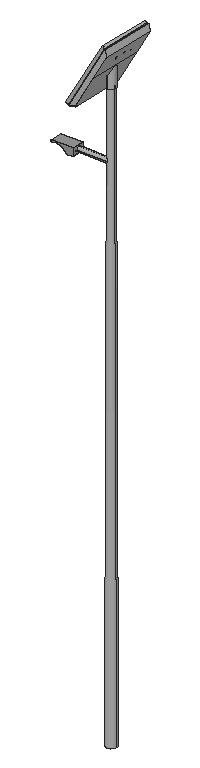
Revit family "Farola Solar Olintu L galvanizada", category Luminarias, Revit 2021
Family settings
  Cota de conector redondo = Diámetro de uso
  Tipo de pieza = Normal
  Se basa en plano de trabajo = No
  Siempre vertical = Sí
  Corte con vacíos al cargar = No
  Origen de luz = No
  Compartido = Sí
  Punto de cálculo de habitación = No
Parameters
  URL producto = "https://ekiona.com/farolas-solares/serie-olintu/"
  URL = "https://www.ekiona.com/"
  Teléfono de contacto = "(+34) 943 30 80 51"
  Keynote = ""
  Modelo = "Modelo Olintu"
  Marcado CE = "SÍ"
  Garantía = "5 años"
  Gama de colores = "Blanco, Negro, Gris, Verde bosque, Acero galvanizado"
  Gama de acabados = "Galvanizado, Fibra de vidrio, Aluminio"
  Fabricante = "Ekiona"
  Elevación por defecto = 2000 mm
  E-mail de contacto = "info@ekiona.com"
  Distancia inserto-columa = Altura columna extremos - 150 mm  # 7850 mm
  Distancia brazo-final de columna = Altura columna extremos - 1000 mm  # 7000 mm
  Dirección = "Parque Tecnológico Miramón - Paseo Mikeletegi 56 - 20009 Donostia/San Sebastián"
  Descripción de la empresa = "Diseñamos, desarrollamos, fabricamos y comercializamos farolas solares que se adaptan a cualquier necesidad."
  Descripción = "Farola solar que combina diseño y eficencia"
  Clase eficiencia energética = "A++"
  Altura columna planos = Altura columna extremos  # 8000 mm
  Altura columna extremos = 8000 mm
Reference planes
  plane 1 "Center (Front/Back)": y = 0
  plane 2: z = 0
  plane 3 "Center (Left/Right)": x = 0
  plane 4: z = 8000
  plane 5: z = 7850
  plane 6: z = 7000
Dimensions and locks
  "Altura columna planos": level to plane 4
  "Altura columna extremos": nested 1 to plane 4
  "Distancia inserto-columa": level to plane 5
  "Distancia brazo-final de columna": level to plane 6
  aligned and locked: level to plane 2
  aligned and locked: plane 4 to nested 1
  aligned and locked: plane 5 to nested 2
  aligned and locked: plane 6 to nested 3
Nested families
  nested 1: "Columna Olintu L galvanizada" at (0, 0, 0), type "Columna 8m"
  nested 2: "Tolva Olintu L galvanizada" at (-30.017, 337.873, 6260.512), type "Tolva Olintu M"
  nested 3: "Luminaria Olintu L galvanizada" at (0, 0, 6955), type "Luminaria 20W"
Definition of nested family "Columna Olintu L galvanizada"
  Parameters (values of type "Columna 10m")
    Øsuperior = 88 mm
    Øinferior = 150 mm
    Material columna = none
    Default Elevation = 0 mm
    Altura columna [instance] = 10000 mm
  Types (3, lengths in mm): name | Øinferior | Altura columna
    Columna 9m | 145 | 9000
    Columna 8m | 140 | 8000
    Columna 10m | 150 | 10000
  Reference planes
    plane 1 "Center (Front/Back)": y = 0
    plane 2: z = 0
    plane 3 "Center (Left/Right)": x = 0
    plane 4: z = 10000
  Forms (mm)
    Blend 1, solid, material <- "Material columna"
      base sketch origin (0, 0, 0) x (1, 0, 0) y (0, 1, 0)
        loop
          circle (0, 0) r 75
      top sketch origin (0, 0, 0) x (1, 0, 0) y (0, 1, 0)
        loop
          circle (0, 0) r 44
      from 0 to 10000
  Dimensions and locks
    "Altura columna": plane 4 to level
    "Øinferior": diameter of Blend 1 sketch curve
    "Øsuperior": diameter of Blend 1 sketch curve
    aligned and locked: level to plane 2
    aligned and locked: plane 4 to Blend 1
  Automatic sketch dimensions
    plane 1 "Center (Front/Back)" to Blend 1 sketch curve = 0 mm  (x2)
    Blend 1 sketch curve to plane 3 "Center (Left/Right)" = 0 mm  (x2)
Definition of nested family "Tolva Olintu L galvanizada"
  Parameters (values of type "Tolva Olintu M")
    Model = "Tolva Olintu"
    Material tapa = none
    Material inserto = none
    Material estructura base = none
    Material embellecedor = none
    Manufacturer = "Ekiona"
    Default Elevation = 0 mm
    Ancho panel = 545 mm
  Reference planes
    plane 1 "Center (Front/Back)": y = 0
    plane 2: z = 0
    plane 3 "Center (Left/Right)": x = 0
    plane 4 "Plano 1": through (314.197, -25, 2122.882) normal (-0.5, 0, 0.866)
    plane 5 "paralelo a vista izq": y = -337.5
    plane 6 "Plano 1": through (259.959, -25, 3493.187) normal (-0.5, 0, 0.866)
    plane 7: through (172.752, 0, 2142.023) normal (-0.866, 0, 0.5)
  Forms (mm)
    Extrusion 1, solid, material <- "Material estructura base"
      sketch origin (128.943, 0, 6.927) x (1, 0, 0) y (0, 0, 1)
        loop
          line (102.452, 2266.839) -> (-376.662, 1436.99) -> (-311.636, 1399.447) -> (167.478, 2229.297) -> (102.452, 2266.839)
      from 0 to 704.8
    Extrusion 2, void
      sketch origin (28.039, 0, -172.323) x (1, 0, 0) y (0, 0, 1)
        loop
          line (221.073, 2440.009) -> (236.391, 2353.137) -> (284.006, 2435.609) -> (221.073, 2440.009)
      from 0 to 704.8
    Extrusion 3, void
      sketch origin (59.33, 0, -118.226) x (1, 0, 0) y (0, 0, 1)
        loop
          line (-212.839, 1570.569) -> (-289.787, 1549.95) -> (-300.47, 1528.787) -> (-231.188, 1488.787) -> (-191.188, 1558.069) -> (-212.839, 1570.569)
      from 0 to 769.834
    Extrusion 4, solid, material <- "Material tapa"
      sketch origin (-59.014, 0, -318.454) x (1, 0, 0) y (0, 0, 1)
        loop
          line (290.483, 2592.177) -> (309.316, 2581.303) -> (323.733, 2499.539) -> (152.052, 2202.179) -> (153.752, 2201.197) -> (325.531, 2498.727) -> (310.698, 2582.853) -> (291.499, 2593.937) -> (290.483, 2592.177)
      from 0 to 704.8
    Extrusion 5, solid, material <- "Material embellecedor"
      sketch origin (128.918, 0, 7.059) x (1, 0, 0) y (0, 0, 1)
        loop
          line (-35.978, 1876.723) -> (-285.554, 1444.445) -> (-356.741, 1425.371) -> (-376.562, 1436.815) -> (-377.509, 1435.176) -> (-356.946, 1423.304) -> (-284.094, 1442.825) -> (-34.182, 1875.686) -> (-35.978, 1876.723)
      from 0 to 704.8
    Extrusion 6, void
      sketch origin (-959.244, -34.1, 22.516) x (0, 1, 0) y (0.5, 0, 0.866025)
        loop
          line (-463.861, 2321.81) -> (-416.148, 2321.81)
          arc (-416.148, 2321.81) -> (-419.48, 2339.286) -> (-430.409, 2353.323) r 37.954
          arc (-430.409, 2353.323) -> (-445.409, 2358.568) -> (-460.409, 2353.323) r 24.073
          arc (-460.409, 2353.323) -> (-471.433, 2339.075) -> (-474.645, 2321.349) r 37.954
          arc (-474.645, 2321.349) -> (-473.167, 2312.913) -> (-469.836, 2305.024) r 37.954
          arc (-469.836, 2305.024) -> (-441.562, 2289.96) -> (-416.017, 2309.293) r 29.744
          line (-416.017, 2309.293) -> (-423.962, 2312.74)
          arc (-423.962, 2312.74) -> (-442.617, 2300.75) -> (-461.255, 2312.766) r 20.484
          arc (-461.255, 2312.766) -> (-462.888, 2317.193) -> (-463.861, 2321.81) r 32.425
        loop
          line (-462.861, 2331.038) -> (-427.861, 2331.038)
          arc (-427.861, 2331.038) -> (-445.361, 2348.538) -> (-462.861, 2331.038) r 17.5
        loop
          line (-407.152, 2354.99) -> (-407.152, 2299.99)
          arc (-407.152, 2299.99) -> (-401.908, 2294.747) -> (-396.665, 2299.99) r 5.244
          line (-396.665, 2299.99) -> (-396.665, 2315.008) -> (-387.196, 2324.476) -> (-367.121, 2295.806)
          arc (-367.121, 2295.806) -> (-360.158, 2294.578) -> (-358.93, 2301.542) r 5
          line (-358.93, 2301.542) -> (-380.016, 2331.656) -> (-362.339, 2349.334)
          arc (-362.339, 2349.334) -> (-362.339, 2357.323) -> (-370.328, 2357.323) r 5.649
          line (-370.328, 2357.323) -> (-396.665, 2330.986) -> (-396.665, 2354.99)
          arc (-396.665, 2354.99) -> (-401.908, 2360.234) -> (-407.152, 2354.99) r 5.244
        loop
          line (-345.695, 2330.348) -> (-345.695, 2298.296)
          arc (-345.695, 2298.296) -> (-340.695, 2293.296) -> (-335.695, 2298.296) r 5
          line (-335.695, 2298.296) -> (-335.695, 2330.348)
          arc (-335.695, 2330.348) -> (-340.695, 2335.348) -> (-345.695, 2330.348) r 5
        loop
          arc (-313.958, 2351.943) -> (-322.635, 2348.932) -> (-329.497, 2355.038) r 9.076
          arc (-329.497, 2355.038) -> (-336.449, 2361.579) -> (-345.695, 2359.211) r 9.903
          arc (-345.695, 2359.211) -> (-348.682, 2355.086) -> (-349.922, 2350.147) r 13.45
          arc (-349.922, 2350.147) -> (-346.706, 2343.243) -> (-339.177, 2342.089) r 8.071
          arc (-339.177, 2342.089) -> (-335.695, 2342.685) -> (-332.214, 2342.089) r 10.463
          arc (-332.214, 2342.089) -> (-327.031, 2338.208) -> (-325.061, 2332.04) r 10.635
          arc (-325.061, 2332.04) -> (-262.525, 2310.202) -> (-313.958, 2351.943) r 33.621
        loop
          line (-250.357, 2353.481) -> (-250.357, 2298.481)
          arc (-250.357, 2298.481) -> (-243.625, 2291.749) -> (-236.893, 2298.481) r 6.732
          line (-236.893, 2298.481) -> (-236.893, 2343.466)
          arc (-236.893, 2343.466) -> (-229.971, 2349.019) -> (-221.459, 2351.529) r 22.933
          arc (-221.459, 2351.529) -> (-212.902, 2347.984) -> (-209.357, 2339.427) r 12.102
          line (-209.357, 2339.427) -> (-209.357, 2298.481)
          arc (-209.357, 2298.481) -> (-203.024, 2292.148) -> (-196.691, 2298.481) r 6.333
          line (-196.691, 2298.481) -> (-196.691, 2339.905)
          arc (-196.691, 2339.905) -> (-198.028, 2347.169) -> (-201.863, 2353.481) r 20.404
          arc (-201.863, 2353.481) -> (-219.569, 2360.932) -> (-237.793, 2354.854) r 27.258
          arc (-237.793, 2354.854) -> (-244.69, 2359.8) -> (-250.357, 2353.481) r 6.357
        loop
          arc (-184.719, 2344.597) -> (-181.441, 2338.502) -> (-174.681, 2339.98) r 5.745
          arc (-174.681, 2339.98) -> (-169.693, 2349.593) -> (-159.36, 2352.836) r 14.106
          arc (-159.36, 2352.836) -> (-151.076, 2350.212) -> (-144.661, 2344.349) r 20.193
          line (-144.661, 2344.349) -> (-144.661, 2338.186)
          arc (-144.661, 2338.186) -> (-158.183, 2333.475) -> (-172.248, 2330.794) r 97.575
          arc (-172.248, 2330.794) -> (-181.869, 2326.808) -> (-185.855, 2317.187) r 13.607
          arc (-185.855, 2317.187) -> (-186.09, 2312.502) -> (-186.044, 2307.811) r 78.299
          arc (-186.044, 2307.811) -> (-182.313, 2300.899) -> (-176.154, 2296.024) r 19.471
          arc (-176.154, 2296.024) -> (-166.154, 2293.649) -> (-156.154, 2296.024) r 22.235
          arc (-156.154, 2296.024) -> (-150.683, 2299.242) -> (-145.676, 2303.144) r 48.757
          line (-145.676, 2303.144) -> (-145.676, 2297.176)
          arc (-145.676, 2297.176) -> (-140.801, 2292.301) -> (-135.926, 2297.176) r 4.875
          line (-135.926, 2297.176) -> (-135.926, 2347.483)
          arc (-135.926, 2347.483) -> (-140.108, 2354.143) -> (-146.491, 2358.739) r 20.503
          arc (-146.491, 2358.739) -> (-158.534, 2361.376) -> (-170.577, 2358.739) r 28.822
          arc (-170.577, 2358.739) -> (-178.914, 2352.934) -> (-184.719, 2344.597) r 28.822
        loop
          arc (-144.661, 2330.676) -> (-156.177, 2325.488) -> (-168.693, 2323.785) r 44.019
          arc (-168.693, 2323.785) -> (-173.358, 2321.852) -> (-175.29, 2317.187) r 6.598
          arc (-175.29, 2317.187) -> (-175.527, 2313.145) -> (-175.29, 2309.103) r 34.669
          arc (-175.29, 2309.103) -> (-173.729, 2305.335) -> (-169.961, 2303.774) r 5.329
          arc (-169.961, 2303.774) -> (-163.465, 2302.436) -> (-156.969, 2303.774) r 16.436
          arc (-156.969, 2303.774) -> (-150.056, 2308.034) -> (-144.661, 2314.101) r 27.926
          line (-144.661, 2314.101) -> (-144.661, 2330.676)
      from -19.407 to 3
    Revolve 7, solid, material <- "Material inserto"
      sketch origin (29.873, 0, -136.266) x (0, 1, 0) y (0, 0, 1)
        loop
          line (-287.5, 2035.827) -> (-287.5, 1725.755) -> (-284.5, 1725.755) -> (-284.5, 2035.827) -> (-287.5, 2035.827)
        axis (-337.5, 2035.827) -> (-337.5, 1725.755)
      angle from 0 to 360
    Extrusion 8, solid, not visible
      sketch origin (124.705, 0, 1465.982) x (1, 0, 0) y (0, 0, 1)
        loop
          line (25.298, 2103.034) -> (-292.965, 1551.785) -> (-241.004, 1521.785) -> (77.26, 2073.034) -> (25.298, 2103.034)
      from 70.047 to 615.047
    Extrusion 9, void, not visible
      sketch origin (-63.196, 0, 1140.322) x (1, 0, 0) y (0, 0, 1)
        loop
          line (224.128, 2422.685) -> (236.948, 2349.979) -> (276.798, 2419.002) -> (224.128, 2422.685)
      from 0 to 675
    Extrusion 10, void, not visible
      sketch origin (124.705, 0, 1465.982) x (1, 0, 0) y (0, 0, 1)
        loop
          line (-212.839, 1570.569) -> (-289.787, 1549.95) -> (-300.47, 1528.787) -> (-231.188, 1488.787) -> (-191.188, 1558.069) -> (-212.839, 1570.569)
      from 0 to 675
    Extrusion 11, solid, not visible
      sketch origin (-63.252, 0, 1140.601) x (1, 0, 0) y (0, 0, 1)
        loop
          line (212.635, 2427.51) -> (224.709, 2420.539) -> (237.206, 2349.669) -> (152.052, 2202.179) -> (153.752, 2201.197) -> (239.192, 2349.183) -> (226.372, 2421.888) -> (213.635, 2429.242) -> (212.635, 2427.51)
      from 70.047 to 615.047
    Extrusion 12, solid, not visible
      sketch origin (124.679, 0, 1466.114) x (1, 0, 0) y (0, 0, 1)
        loop
          line (-35.879, 1876.666) -> (-212.705, 1570.395) -> (-289.813, 1549.734) -> (-293.065, 1551.612) -> (-294.068, 1549.876) -> (-290.068, 1547.567) -> (-211.46, 1568.63) -> (-34.182, 1875.686) -> (-35.879, 1876.666)
      from 70.047 to 615.047
    Extrusion 13, solid, not visible
      sketch origin (124.769, 0, 1465.921) x (1, 0, 0) y (0, 0, 1)
        loop
          line (-292.965, 1551.785) -> (25.035, 2102.578) -> (-5.276, 2120.078) -> (-323.276, 1569.285) -> (-292.965, 1551.785)
      from 70.047 to 615.047
    Extrusion 14, void, not visible
      sketch origin (-1013.482, -34.1, 1392.821) x (0, 1, 0) y (0.5, 0, 0.866025)
        loop
          line (-463.861, 2321.81) -> (-416.148, 2321.81)
          arc (-416.148, 2321.81) -> (-419.48, 2339.286) -> (-430.409, 2353.323) r 37.954
          arc (-430.409, 2353.323) -> (-445.409, 2358.568) -> (-460.409, 2353.323) r 24.073
          arc (-460.409, 2353.323) -> (-471.433, 2339.075) -> (-474.645, 2321.349) r 37.954
          arc (-474.645, 2321.349) -> (-473.167, 2312.913) -> (-469.836, 2305.024) r 37.954
          arc (-469.836, 2305.024) -> (-441.562, 2289.96) -> (-416.017, 2309.293) r 29.744
          line (-416.017, 2309.293) -> (-423.962, 2312.74)
          arc (-423.962, 2312.74) -> (-442.617, 2300.75) -> (-461.255, 2312.766) r 20.484
          arc (-461.255, 2312.766) -> (-462.888, 2317.193) -> (-463.861, 2321.81) r 32.425
        loop
          line (-462.861, 2331.038) -> (-427.861, 2331.038)
          arc (-427.861, 2331.038) -> (-445.361, 2348.538) -> (-462.861, 2331.038) r 17.5
        loop
          line (-407.152, 2354.99) -> (-407.152, 2299.99)
          arc (-407.152, 2299.99) -> (-401.908, 2294.747) -> (-396.665, 2299.99) r 5.244
          line (-396.665, 2299.99) -> (-396.665, 2315.008) -> (-387.196, 2324.476) -> (-367.121, 2295.806)
          arc (-367.121, 2295.806) -> (-360.158, 2294.578) -> (-358.93, 2301.542) r 5
          line (-358.93, 2301.542) -> (-380.016, 2331.656) -> (-362.339, 2349.334)
          arc (-362.339, 2349.334) -> (-362.339, 2357.323) -> (-370.328, 2357.323) r 5.649
          line (-370.328, 2357.323) -> (-396.665, 2330.986) -> (-396.665, 2354.99)
          arc (-396.665, 2354.99) -> (-401.908, 2360.234) -> (-407.152, 2354.99) r 5.244
        loop
          line (-345.695, 2330.348) -> (-345.695, 2298.296)
          arc (-345.695, 2298.296) -> (-340.695, 2293.296) -> (-335.695, 2298.296) r 5
          line (-335.695, 2298.296) -> (-335.695, 2330.348)
          arc (-335.695, 2330.348) -> (-340.695, 2335.348) -> (-345.695, 2330.348) r 5
        loop
          arc (-313.958, 2351.943) -> (-322.635, 2348.932) -> (-329.497, 2355.038) r 9.076
          arc (-329.497, 2355.038) -> (-336.449, 2361.579) -> (-345.695, 2359.211) r 9.903
          arc (-345.695, 2359.211) -> (-348.682, 2355.086) -> (-349.922, 2350.147) r 13.45
          arc (-349.922, 2350.147) -> (-346.706, 2343.243) -> (-339.177, 2342.089) r 8.071
          arc (-339.177, 2342.089) -> (-335.695, 2342.685) -> (-332.214, 2342.089) r 10.463
          arc (-332.214, 2342.089) -> (-327.031, 2338.208) -> (-325.061, 2332.04) r 10.635
          arc (-325.061, 2332.04) -> (-262.525, 2310.202) -> (-313.958, 2351.943) r 33.621
        loop
          line (-250.357, 2353.481) -> (-250.357, 2298.481)
          arc (-250.357, 2298.481) -> (-243.625, 2291.749) -> (-236.893, 2298.481) r 6.732
          line (-236.893, 2298.481) -> (-236.893, 2343.466)
          arc (-236.893, 2343.466) -> (-229.971, 2349.019) -> (-221.459, 2351.529) r 22.933
          arc (-221.459, 2351.529) -> (-212.902, 2347.984) -> (-209.357, 2339.427) r 12.102
          line (-209.357, 2339.427) -> (-209.357, 2298.481)
          arc (-209.357, 2298.481) -> (-203.024, 2292.148) -> (-196.691, 2298.481) r 6.333
          line (-196.691, 2298.481) -> (-196.691, 2339.905)
          arc (-196.691, 2339.905) -> (-198.028, 2347.169) -> (-201.863, 2353.481) r 20.404
          arc (-201.863, 2353.481) -> (-219.569, 2360.932) -> (-237.793, 2354.854) r 27.258
          arc (-237.793, 2354.854) -> (-244.69, 2359.8) -> (-250.357, 2353.481) r 6.357
        loop
          arc (-184.719, 2344.597) -> (-181.441, 2338.502) -> (-174.681, 2339.98) r 5.745
          arc (-174.681, 2339.98) -> (-169.693, 2349.593) -> (-159.36, 2352.836) r 14.106
          arc (-159.36, 2352.836) -> (-151.076, 2350.212) -> (-144.661, 2344.349) r 20.193
          line (-144.661, 2344.349) -> (-144.661, 2338.186)
          arc (-144.661, 2338.186) -> (-158.183, 2333.475) -> (-172.248, 2330.794) r 97.575
          arc (-172.248, 2330.794) -> (-181.869, 2326.808) -> (-185.855, 2317.187) r 13.607
          arc (-185.855, 2317.187) -> (-186.09, 2312.502) -> (-186.044, 2307.811) r 78.299
          arc (-186.044, 2307.811) -> (-182.313, 2300.899) -> (-176.154, 2296.024) r 19.471
          arc (-176.154, 2296.024) -> (-166.154, 2293.649) -> (-156.154, 2296.024) r 22.235
          arc (-156.154, 2296.024) -> (-150.683, 2299.242) -> (-145.676, 2303.144) r 48.757
          line (-145.676, 2303.144) -> (-145.676, 2297.176)
          arc (-145.676, 2297.176) -> (-140.801, 2292.301) -> (-135.926, 2297.176) r 4.875
          line (-135.926, 2297.176) -> (-135.926, 2347.483)
          arc (-135.926, 2347.483) -> (-140.108, 2354.143) -> (-146.491, 2358.739) r 20.503
          arc (-146.491, 2358.739) -> (-158.534, 2361.376) -> (-170.577, 2358.739) r 28.822
          arc (-170.577, 2358.739) -> (-178.914, 2352.934) -> (-184.719, 2344.597) r 28.822
        loop
          arc (-144.661, 2330.676) -> (-156.177, 2325.488) -> (-168.693, 2323.785) r 44.019
          arc (-168.693, 2323.785) -> (-173.358, 2321.852) -> (-175.29, 2317.187) r 6.598
          arc (-175.29, 2317.187) -> (-175.527, 2313.145) -> (-175.29, 2309.103) r 34.669
          arc (-175.29, 2309.103) -> (-173.729, 2305.335) -> (-169.961, 2303.774) r 5.329
          arc (-169.961, 2303.774) -> (-163.465, 2302.436) -> (-156.969, 2303.774) r 16.436
          arc (-156.969, 2303.774) -> (-150.056, 2308.034) -> (-144.661, 2314.101) r 27.926
          line (-144.661, 2314.101) -> (-144.661, 2330.676)
      from -19.407 to 3
    Revolve 15, solid, not visible
      sketch origin (0, 0, 1241.412) x (0, 1, 0) y (0, 0, 1)
        loop
          line (-287.5, 2035.827) -> (-287.5, 1725.755) -> (-284.5, 1725.755) -> (-284.5, 2035.827) -> (-287.5, 2035.827)
        axis (-337.5, 2035.827) -> (-337.5, 1725.755)
      angle from 0 to 360
    Extrusion 16, solid, not visible
      sketch origin (128.943, 0, 6.927) x (1, 0, 0) y (0, 0, 1)
        loop
          line (25.298, 2103.034) -> (-292.965, 1551.785) -> (-241.004, 1521.785) -> (77.26, 2073.034) -> (25.298, 2103.034)
      from 70.047 to 615.047
    Extrusion 17, solid, not visible
      sketch origin (-59.014, 0, -318.454) x (1, 0, 0) y (0, 0, 1)
        loop
          line (212.635, 2427.51) -> (224.709, 2420.539) -> (237.206, 2349.669) -> (152.052, 2202.179) -> (153.752, 2201.197) -> (239.192, 2349.183) -> (226.372, 2421.888) -> (213.635, 2429.242) -> (212.635, 2427.51)
      from 70.047 to 615.047
    Extrusion 18, solid, not visible
      sketch origin (128.918, 0, 7.059) x (1, 0, 0) y (0, 0, 1)
        loop
          line (-35.879, 1876.666) -> (-212.705, 1570.395) -> (-289.813, 1549.734) -> (-293.065, 1551.612) -> (-294.068, 1549.876) -> (-290.068, 1547.567) -> (-211.46, 1568.63) -> (-34.182, 1875.686) -> (-35.879, 1876.666)
      from 70.047 to 615.047
    Revolve 19, solid, not visible
      sketch origin (0, 0, -217.643) x (0, 1, 0) y (0, 0, 1)
        loop
          line (-287.5, 2035.827) -> (-287.5, 1725.755) -> (-284.5, 1725.755) -> (-284.5, 2035.827) -> (-287.5, 2035.827)
        axis (-337.5, 2035.827) -> (-337.5, 1725.755)
      angle from 0 to 360
    Extrusion 20, solid
      sketch origin (-12.917, 0, 7.457) x (1, 0, 0) y (0, 0, 1)
        loop
          line (245.402, 2268.026) -> (215.091, 2285.526) -> (-265.985, 1452.278) -> (-235.674, 1434.778) -> (245.402, 2268.026)
      from 0 to 704.8
  Cuts and joins
    Extrusion 2, Extrusion 3, Extrusion 6 cuts Extrusion 1
    Extrusion 6 cuts Extrusion 4
  Dimensions and locks
    cut or joined group of Extrusion 4, Extrusion 6 to cut or joined group of Extrusion 4, Extrusion 6 = 704.8 mm
    Extrusion 5 to Extrusion 5 = 704.8 mm
    cut or joined group of Extrusion 1, Extrusion 2, Extrusion 3, Extrusion 6 to cut or joined group of Extrusion 1, Extrusion 2, Extrusion 3, Extrusion 6 = 704.8 mm
    Revolve 7 sketch curve to Revolve 7 sketch curve = 50 mm
    Revolve 7 sketch curve to Revolve 7 sketch curve = 53 mm
    Revolve 19 sketch curve to Revolve 19 sketch curve = 50 mm
    Revolve 19 sketch curve to Revolve 19 sketch curve = 53 mm
    Extrusion 20 to Extrusion 4 = 2.033 mm
    aligned and locked: level to plane 2
    aligned and locked: Extrusion 4 to cut or joined group of Extrusion 1, Extrusion 2, Extrusion 3, Extrusion 6
Definition of nested family "Luminaria Olintu L galvanizada"
  Parameters (values of type "Luminaria 80W")
    Tilt Angle = 70.00°
    built-in parameter 1010506 = 0.34907 (stored number, unit not read)
    built-in parameter 1010507 = 1.2217 (stored number, unit not read)
    Wattage = 80 W
    built-in parameter 1150107 = 3000 (stored number, unit not read)
    built-in parameter 1150110 = 1 (stored number, unit not read)
    built-in parameter 1150109 = 1 (stored number, unit not read)
    built-in parameter 1150112 = 1 (stored number, unit not read)
    built-in parameter 1150113 = 1 (stored number, unit not read)
    built-in parameter 1114218 = 1 (stored number, unit not read)
    built-in parameter 1150137 = (empty or 0)
    built-in parameter 1150132 = (empty or 0)
    Material luminaria = none
    Material brazo = none
    Material LED = none
    Light Source Symbol Length = 3048 mm
    built-in parameter 1150105 = 97231.6 (stored number, unit not read)
    built-in parameter 1150102 = (empty or 0)
    built-in parameter 1150106 = 972.32 (stored number, unit not read)
    Emit Shape Visible in Rendering = no
    Lumens = 13200 lm
    Color Filter = 16777215
    built-in parameter 1114217 = 0.7 (stored number, unit not read)
    built-in parameter 1150139 = (empty or 0)
    Default Elevation = 0 mm
    built-in parameter 1150104 = 15.329 (stored number, unit not read)
    Emit from Circle Diameter = 50 mm
    built-in parameter 1150115 = 1 (stored number, unit not read)
    built-in parameter 1150114 = 1 (stored number, unit not read)
    built-in parameter 1150138 = (empty or 0)
    built-in parameter 1150134 = (empty or 0)
    Dimming Lamp Color Temperature Shift = (empty or 0)
    built-in parameter 1150133 = 10 (stored number, unit not read)
  Types (7, lengths in mm): name | Wattage | built-in parameter 1150105 | built-in parameter 1150106 | Lumens
    Luminaria 30W | 30 W | 36461.8 (stored number, unit not read) | 364.62 (stored number, unit not read) | 4950 lm
    Luminaria 20W | 20 W | 24307.9 (stored number, unit not read) | 243.08 (stored number, unit not read) | 3300 lm
    Luminaria 40W | 40 W | 48615.8 (stored number, unit not read) | 486.16 (stored number, unit not read) | 6600 lm
    Luminaria 50W | 50 W | 60769.7 (stored number, unit not read) | 607.7 (stored number, unit not read) | 8250 lm
    Luminaria 60W | 60 W | 72923.7 (stored number, unit not read) | 729.24 (stored number, unit not read) | 9900 lm
    Luminaria 80W | 80 W | 97231.6 (stored number, unit not read) | 972.32 (stored number, unit not read) | 13200 lm
    Luminaria 100W | 100 W | 121539.5 (stored number, unit not read) | 1215.4 (stored number, unit not read) | 16500 lm
  Reference planes
    plane 1 "Center (Front/Back)": y = 0
    plane 2: z = 0
    plane 3 "Center (Left/Right)": x = 0
  Forms (mm)
    Revolve 1, solid, material <- "Material brazo"
      sketch origin (303.946, 1.989, 0) x (1, 0, 0) y (0, 1, 0)
        loop
          line (-759.81, 30) -> (-302.022, 30) -> (-302.022, 33.284) -> (-759.81, 33.284) -> (-759.81, 30)
        axis (-759.81, 0) -> (-302.022, 0)
      angle from 0 to 360
    Revolve 2, solid, material <- "Material LED"
      sketch origin (491.23, 0, 1.202) x (1, 0, 0) y (0, 0, 1)
        loop
          arc (-1192.369, 27.257) -> (-1185.047, 9.579) -> (-1167.369, 2.257) r 25
          line (-1167.369, 2.257) -> (-1167.369, 27.257) -> (-1192.369, 27.257)
        axis (-1167.369, 27.257) -> (-1167.369, 2.257)
      angle from 0 to 360
    Extrusion 3, solid, material <- "Material luminaria"
      sketch origin (90.557, 170, -3.536) x (1, 0, 0) y (0, 0, 1)
        loop
          arc (-530.557, 45) -> (-532.034, 47.059) -> (-534.093, 48.536) r 7.795
          line (-534.093, 48.536) -> (-819.093, 48.536)
          arc (-819.093, 48.536) -> (-830.585, 37.044) -> (-819.093, 25.552) r 11.492
          line (-819.093, 25.552) -> (-754.765, 25.552)
          arc (-754.765, 25.552) -> (-719.662, 20.455) -> (-685.221, 11.966) r 364.063
          arc (-685.221, 11.966) -> (-667.18, 1.896) -> (-655.103, -14.869) r 47.612
          arc (-655.103, -14.869) -> (-633.37, -40.263) -> (-603.441, -55.142) r 83.798
          arc (-603.441, -55.142) -> (-569.333, -56.37) -> (-535.764, -50.207) r 157.18
          arc (-535.764, -50.207) -> (-532.082, -48.682) -> (-530.557, -45) r 5.207
          line (-530.557, -45) -> (-530.557, 45)
      from 95.307 to 250
  Dimensions and locks
    aligned and locked: level to plane 2
